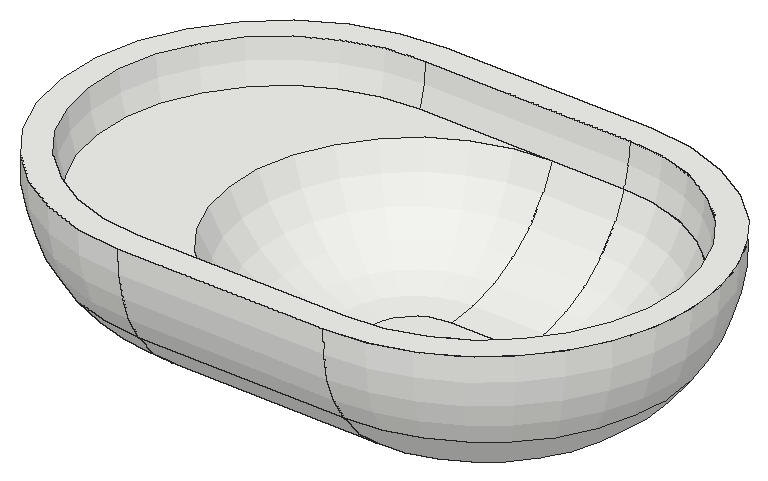
Revit family "Reece_Basin_Omvivo_Villa_Above Counter Basin_600 mm", category Plumbing Fixtures, host Face, Revit 2018
Family settings
  Host = Face
  Round Connector Dimension = Use Diameter
  Part Type = Normal
  Cut with Voids When Loaded = No
  Shared = Yes
  Room Calculation Point = Yes
Parameters (values of type "White Haven")
  WFU = 0  # constant formula
  URL = "https://www.reece.com.au/product/-1967638"
  Type Comments = "Basin"
  Reece_Product_Web Page = "https://www.reece.com.au/product/-1967638"
  Reece_Product_Type = "Basin"  # constant formula
  Reece_Product_Sub Brand = "Villa"  # constant formula
  Reece_Product_Number = "1967638"
  Reece_Product_Mount = "Above Counter"
  Reece_Product_Description = "Omvivo Villa Above Counter Basin With Shelf 600 White Haven"
  Reece_Product_Brand = "Omvivo"  # constant formula
  Reece_Overall_Width = 600 mm  # constant formula
  Reece_Overall_Length = 400 mm  # constant formula
  Reece_Overall_Height = 158 mm  # constant formula
  Reece_Overall_Capacity = 21.00 L  # constant formula
  Reece_Material-Main = Reece_Cast_Solid_Surface_White Haven
  Reece_Detail_Installation = "Above Counter"  # constant formula
  Reece_Detail_Disclaimer = "THIS FILE IS THE PROPERTY OF THE REECE GROUP. IT MAY NOT BE REPRODUCED, REVERSE-ENGINEERED OR MODIFIED. ANY REPUBLICATION, TRANSMISSION OR DISTRIBUTION FOR THE PURPOSE OF COMMERCIALLY EXPLOITING THE FILES IS PROHIBITED."  # constant formula
  Reece_Detail_Connector = "No Taphole"  # constant formula
  Reece_Detail_Additional = "No Overflow"  # constant formula
  Reece_Basin_Outlet = 40 mm  # constant formula
  Model = "Villa"
  Manufacturer = "Omvivo"
  Keynote = "Product #1967638, Reece_Basin_Omvivo_Villa_Above Counter Basin_600 mm - White Haven"
  HWFU = 0  # constant formula
  Disclaimer = "THIS FILE IS THE PROPERTY OF THE REECE GROUP. IT MAY NOT BE REPRODUCED, REVERSE-ENGINEERED OR MODIFIED. ANY REPUBLICATION, TRANSMISSION OR DISTRIBUTION FOR THE PURPOSE OF COMMERCIALLY EXPLOITING THE FILES IS PROHIBITED."  # constant formula
  Description = "Omvivo Villa Above Counter Basin With Shelf 600 White Haven"
  Default Elevation = 1000 mm
  CWFU = 0  # constant formula
Types (3, lengths in mm): name | URL | Reece_Product_Web Page | Reece_Product_Number | Reece_Product_Description | Reece_Material-Main | Keynote | Description
  (no name) | "https://www.reece.com.au/product/-1967642" | "https://www.reece.com.au/product/-1967642" | "1967642" | "Omvivo Villa Above Counter Basin With Shelf 600 Cove Grey" | Reece_Cast_Solid_Surface_Cove Grey | "Product #1967642, Reece_Basin_Omvivo_Villa_Above Counter Basin_600 mm -  " | "Omvivo Villa Above Counter Basin With Shelf 600 Cove Grey"
  White Haven | "https://www.reece.com.au/product/-1967638" | "https://www.reece.com.au/product/-1967638" | "1967638" | "Omvivo Villa Above Counter Basin With Shelf 600 White Haven" | Reece_Cast_Solid_Surface_White Haven | "Product #1967638, Reece_Basin_Omvivo_Villa_Above Counter Basin_600 mm - White Haven" | "Omvivo Villa Above Counter Basin With Shelf 600 White Haven"
  Cove Grey | "https://www.reece.com.au/product/-1967642" | "https://www.reece.com.au/product/-1967642" | "1967642" | "Omvivo Villa Above Counter Basin With Shelf 600 Cove Grey" | Reece_Cast_Solid_Surface_Cove Grey | "Product #1967642, Reece_Basin_Omvivo_Villa_Above Counter Basin_600 mm - Cove Grey" | "Omvivo Villa Above Counter Basin With Shelf 600 Cove Grey"
Reference planes
  plane 1 "Center (Front/Back)": y = -79.125
  plane 2 "Bottom": z = 0
  plane 3 "Center (Left/Right)": x = 0
  plane 4: x = 300
  plane 5: x = -300
  plane 6: y = 120.875
  plane 7: y = -279.125
  plane 8: z = 158
  plane 9: x = 274.709
  plane 10: x = -138.291
  plane 11: x = 61
  plane 12: z = -15
  plane 13: x = 180
  plane 14: x = -180
Forms (mm)
  Sweep 1, solid, material "Reece_Cast_Solid_Surface_White Haven" <- "Reece_Material-Main"
    path origin (0.299, 0, 0) x (1, 0, 0) y (0, 1, 0)
      loop
        arc (-100.27, 120.875) -> (-300.27, -79.125) -> (-100.27, -279.125) r 200
        line (-100.27, -279.125) -> (99.671, -279.125)
        arc (99.671, -279.125) -> (299.671, -79.125) -> (99.671, 120.875) r 200
        line (99.671, 120.875) -> (-100.27, 120.875)
    profile origin (0, 120.875, 0) x (0, 1, 0) y (0, 0, 1)
      loop
        line (-155.136, 0) -> (-127.376, 0) -> (-119.808, 7.568)
        arc (-119.808, 7.568) -> (-31.452, 60.124) -> (0, 158) r 145.286
        line (0, 158) -> (-25.039, 158)
        arc (-25.039, 158) -> (-64.281, 68.105) -> (-155.136, 31.14) r 130.138
        line (-155.136, 31.14) -> (-155.136, 0)
  Extrusion 2, solid, material "Reece_Cast_Solid_Surface_White Haven" <- "Reece_Material-Main"
    sketch origin (-940.029, -79.044, 29.703) x (1, 0, 0) y (0, 1, 0)
      loop
        line (840.058, -44.945) -> (1039.999, -44.945)
        arc (1039.999, -44.945) -> (1084.863, -0.081) -> (1039.999, 44.783) r 44.864
        line (1039.999, 44.783) -> (840.058, 44.783)
        arc (840.058, 44.783) -> (795.194, -0.081) -> (840.058, -44.945) r 44.864
    from -29.703 to 1.437
  Extrusion 3, solid, material "Reece_Cast_Solid_Surface_White Haven" <- "Reece_Material-Main"
    sketch origin (-940.029, 0, 0) x (1, 0, 0) y (0, 1, 0)
      loop
        line (840.058, -254.086) -> (1039.999, -254.086)
        arc (1039.999, -254.086) -> (1214.96, -79.125) -> (1039.999, 95.836) r 174.961
        line (1039.999, 95.836) -> (840.058, 95.836)
        arc (840.058, 95.836) -> (665.097, -79.125) -> (840.058, -254.086) r 174.961
    from 0 to 118.818
  Sweep 4, void
    path origin (0.299, 0, 0) x (1, 0, 0) y (0, 1, 0)
      loop
        arc (29.291, 120.875) -> (-170.709, -79.125) -> (29.291, -279.125) r 200
        line (29.291, -279.125) -> (99.671, -279.125)
        arc (99.671, -279.125) -> (299.671, -79.125) -> (99.671, 120.875) r 200
        line (99.671, 120.875) -> (29.291, 120.875)
    profile origin (64.78, 120.875, 0) x (0, 1, 0) y (0, 0, 1)
      loop
        line (-25.039, 158) -> (-155.136, 158) -> (-155.136, 31.14)
        arc (-155.136, 31.14) -> (-64.281, 68.105) -> (-25.039, 158) r 130.138
  Sweep 5, void
    path origin (0.299, 0, 0) x (1, 0, 0) y (0, 1, 0)
      loop
        arc (-100.27, 120.875) -> (-300.27, -79.125) -> (-100.27, -279.125) r 200
        line (-100.27, -279.125) -> (99.671, -279.125)
        arc (99.671, -279.125) -> (299.671, -79.125) -> (99.671, 120.875) r 200
        line (99.671, 120.875) -> (-100.27, 120.875)
    profile origin (0, 120.875, 0) x (0, 1, 0) y (0, 0, 1)
      loop
        line (-127.376, 0) -> (95.893, 0) -> (95.893, 158) -> (0, 158)
        arc (0, 158) -> (-31.452, 60.124) -> (-119.808, 7.568) r 145.286
        line (-119.808, 7.568) -> (-127.376, 0)
  Extrusion 6, void
    sketch origin (0, 0, 0) x (1, 0, 0) y (0, 1, 0)
      loop
        line (99.971, -34.261) -> (29.59, -34.261)
        arc (29.59, -34.261) -> (-15.274, -79.125) -> (29.59, -123.989) r 44.864
        line (29.59, -123.989) -> (99.971, -123.989)
        arc (99.971, -123.989) -> (144.835, -79.125) -> (99.971, -34.261) r 44.864
    from -16.463 to 250
  Extrusion 7, void
    sketch origin (0, 0, 0) x (1, 0, 0) y (0, 1, 0)
      loop
        circle (61, -79.125) r 62.5
    from -72.159 to 62.97
  Extrusion 8, void
    sketch origin (0, 0, 0) x (1, 0, 0) y (0, 1, 0)
      loop
        circle (61, -79.125) r 31
    from -16.423 to 57.637
  Revolve 9, solid, material "Reece_Cast_Solid_Surface_White Haven" <- "Reece_Material-Main"
    sketch origin (61, -79.125, 35.532) x (1, 0, 0) y (0, 0, 1)
      loop
        line (0, -50.532) -> (0, -4.391) -> (-28.922, -4.391)
        arc (-28.922, -4.391) -> (-29.684, -4.707) -> (-30, -5.47) r 1.078
        line (-30, -5.47) -> (-30, -9.91) -> (-22.062, -9.91) -> (-18.461, -16.148) -> (-18.461, -50.532) -> (0, -50.532)
      axis (0, -50.532) -> (0, -4.391)
    angle from 0 to 360
  Revolve 10, solid
    sketch origin (61, -79.125, 0) x (1, 0, 0) y (0, 0, 1)
      loop
        line (-20, 0) -> (-56, 0) -> (-56, -15) -> (-20, -15) -> (-20, 0)
      axis (0, 0) -> (0, -15)
    angle from 0 to 360
Cuts and joins
  Sweep 4, Sweep 5, Extrusion 8 cuts Sweep 1
  Extrusion 8 cuts Extrusion 2
  Sweep 4, Sweep 5, Extrusion 6, Extrusion 8 cuts Extrusion 3
  joined: Sweep 1, Extrusion 2, Extrusion 3
Text (mm)
  text "Reece Copyright © 2018, Reece Ltd." at (-902.343, -740.328, 0), in view "Ref. Level"
  text "Reece ©" at (44.384, 258.95, 192.345), in view "Reece Preview"
Dimensions and locks
  equal spacing: plane 5, plane 3 "Center (Left/Right)", plane 4
  "Reece_Overall_Width": plane 5 to plane 4
  equal spacing: plane 6, plane 1 "Center (Front/Back)", plane 7
  "Reece_Overall_Length": plane 6 to plane 7
  "Reece_Overall_Height": plane 8 to host face
  plane 5 to plane 10 to plane 9 = 161.709 mm, 413 mm
  "Reece_Overall_Width": plane 5 to plane 8
  "Reece_Overall_Length": cut or joined group of Sweep 1, Extrusion 2, Extrusion 3, Sweep 4, Sweep 5, Extrusion 6, Extrusion 8 to plane 7
  "Reece_Overall_Height": plane 8 to plane 2 "Bottom"
  plane 9 to plane 10 to plane 5 = 413 mm, 161.709 mm
  Revolve 10 to Revolve 10 = 112 mm
  plane 8 to plane 12 = 173 mm  (x3)
  plane 4 to plane 11 = 239 mm
  plane 14 to plane 13 = 360 mm
  plane 5 to cut or joined group of Sweep 1, Extrusion 2, Extrusion 3, Sweep 4, Sweep 5, Extrusion 6, Extrusion 8 = 25.068 mm
  plane 7 to plane 1 "Center (Front/Back)" = 200 mm
Automatic sketch dimensions
  host sketch curve to host sketch curve = 801.051 mm
  host sketch curve to host sketch curve = 660.299 mm
  plane 6 to Sweep 1 sketch curve = 0 mm
  plane 7 to Sweep 1 sketch curve = 0 mm
  Sweep 1 sketch curve to plane 4 = 399.971 mm
  Sweep 1 sketch curve to Sweep 1 sketch curve = 199.941 mm
  Sweep 1 sketch curve to level = 0 mm
  Sweep 1 sketch curve to profile plane = 0 mm
  Sweep 1 sketch curve to Sweep 1 sketch curve = 25.039 mm
  level to Sweep 1 sketch curve = 7.568 mm
  Sweep 1 sketch curve to Sweep 1 sketch curve = 7.568 mm
  Sweep 1 sketch curve to Sweep 1 sketch curve = 27.76 mm
  Sweep 1 sketch curve to Sweep 1 sketch curve = 10.037 mm
  Sweep 1 sketch curve to Sweep 1 sketch curve = 119.496 mm
  Sweep 1 sketch curve to Sweep 1 sketch curve = 10.643 mm
  profile plane to Sweep 1 sketch curve = 119.808 mm
  Extrusion 2 sketch curve to plane 1 "Center (Front/Back)" = 44.864 mm
  Extrusion 2 sketch curve to plane 4 = 399.971 mm
  Extrusion 2 sketch curve to Extrusion 2 sketch curve = 199.941 mm
  plane 1 "Center (Front/Back)" to Extrusion 2 sketch curve = 0 mm
  plane 1 "Center (Front/Back)" to Extrusion 3 sketch curve = 0 mm
  Extrusion 3 sketch curve to plane 4 = 399.971 mm
  Extrusion 3 sketch curve to plane 7 = 25.039 mm
  Extrusion 3 sketch curve to Extrusion 3 sketch curve = 199.941 mm
  plane 6 to Sweep 4 sketch curve = 0 mm
  plane 7 to Sweep 4 sketch curve = 0 mm
  Sweep 4 sketch curve to plane 4 = 270.41 mm
  Sweep 4 sketch curve to Sweep 4 sketch curve = 70.381 mm
  Sweep 4 sketch curve to Sweep 4 sketch curve = 3.278 mm
  profile plane to Sweep 4 sketch curve = 155.136 mm
  profile plane to Sweep 4 sketch curve = 25.039 mm
  level to Sweep 4 sketch curve = 31.14 mm
  plane 6 to Sweep 5 sketch curve = 0 mm
  plane 7 to Sweep 5 sketch curve = 0 mm
  Sweep 5 sketch curve to plane 4 = 399.971 mm
  Sweep 5 sketch curve to Sweep 5 sketch curve = 199.941 mm
  Sweep 5 sketch curve to profile plane = 0 mm
  Sweep 5 sketch curve to level = 0 mm
  level to Sweep 5 sketch curve = 7.568 mm
  profile plane to Sweep 5 sketch curve = 119.808 mm
  Sweep 5 sketch curve to Sweep 5 sketch curve = 7.568 mm
  profile plane to Sweep 5 sketch curve = 145.099 mm
  Sweep 5 sketch curve to Sweep 5 sketch curve = 143.068 mm
  Sweep 5 sketch curve to profile plane = 95.893 mm
  plane 1 "Center (Front/Back)" to Extrusion 6 sketch curve = 0 mm
  plane 3 "Center (Left/Right)" to Extrusion 6 sketch curve = 29.59 mm
  Extrusion 6 sketch curve to Extrusion 6 sketch curve = 70.381 mm
  Extrusion 6 sketch curve to Extrusion 6 sketch curve = 44.864 mm
  plane 1 "Center (Front/Back)" to Extrusion 7 sketch curve = 0 mm
  Extrusion 7 sketch curve to plane 11 = 0 mm
  plane 1 "Center (Front/Back)" to Extrusion 8 sketch curve = 0 mm
  Extrusion 8 sketch curve to plane 11 = 0 mm
  Revolve 10 sketch curve to level = 0 mm  (x2)
  plane 11 to Revolve 10 sketch curve = 0 mm
  Revolve 10 sketch curve to level = 15 mm
  plane 11 to Revolve 10 sketch curve = 20 mm
  plane 3 "Center (Left/Right)" to Revolve 10 sketch curve = 5 mm
  Revolve 10 sketch curve to level = 13 mm
  Revolve 9 sketch curve to plane 12 = 0 mm
  plane 11 to Revolve 9 sketch curve = 0 mm  (x2)
  Revolve 9 sketch curve to Revolve 9 sketch curve = 18.461 mm
  Revolve 9 sketch curve to Revolve 9 sketch curve = 3.601 mm
  Revolve 9 sketch curve to Revolve 9 sketch curve = 6.859 mm
  Revolve 9 sketch curve to Revolve 9 sketch curve = 1.078 mm
  level to Revolve 9 sketch curve = 19.384 mm
  Revolve 9 sketch curve to Revolve 9 sketch curve = 6.237 mm
  Revolve 9 sketch curve to Revolve 9 sketch curve = 4.441 mm
  Revolve 9 sketch curve to level = 5.367 mm
  Revolve 9 sketch curve to Revolve 9 sketch curve = 8.662 mm
  radius of Extrusion 7 sketch curve = 62.5 mm
  radius of Extrusion 8 sketch curve = 31 mm
Connectors
  piping at (61, -79.125, -15), diameter 40, driven by "Reece_Basin_Outlet"
    settings: on Revolve 10, index 1, connector inside diameter 609.6 mm, connector length 0 mm, flow factor 0, pipe flow 0.0 L/s, pressure drop 0.0 Pa, fitting loss kfactor 0, connector angle 0.00°, fixture units 0, engagement length 0 mm, angle of deflection 0.00°, flow configuration 0, flow direction 2, fitting loss method 0, system type 16, joint type 0, gender type 0, connector reference index -1, connector utility 0, adjustable connector no, is connector primary yes, connector description ""
